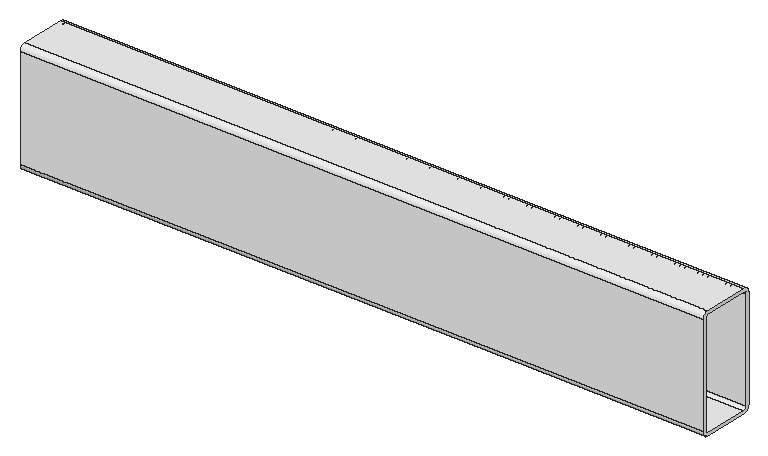
Revit family "CVR-Corte vazado retangular", category Quadro estrutural, Revit 2019
Family settings
  Arredondamento do comprimento do framing estrutural = 0 mm
  Forma do corte = Não definido
  Material para o comportamento do modelo = Aço
  Exportar sempre como geometria = Não
  Número OmniClass = 23.25.30.11.14.14
  Título OmniClass = Beams
  ID de item do Seek = RHS-Rectangular Hollow Section-0000-CAN-ENU
  Sempre na vertical = Sim
  Corte com vazios quando carregada = Não
  Representação simbólica = Das configurações de projeto
  Compartilhado = Não
  Exibir o pré-corte da família na vista da planta = Sim
Parameters (values of type "200x100x5RHS")
  W = 0
  Structural Material [instance] = Aço, 45-345
  Ix = 0
  Length [instance] = 1524 mm
  M = 22.6
  Zx = 0
  b = 100 mm
  h = 200 mm
  tr = 2 * t  # 10 mm
  t = 5 mm
  A = 28.70 m²
Reference planes
  plane 1 "Centro (Frente/Trás)": y = 0
  plane 2: z = 0
  plane 3 "Centro (Esquerda/Direita)": x = 4.61
  plane 4 "Membro esquerdo": x = -604.99
  plane 5 "Membro direito": x = 614.21
  plane 6: y = 50
  plane 7: y = -50
  plane 8 "Superior": z = 100
  plane 9: z = -100
  plane 10 "Esquerda": x = -757.39
  plane 11 "Direita": x = 766.61
Forms (mm)
  Sweep 1, solid, material "Aço, 45-345" <- "Structural Material", detail levels medium
    path origin (0, 0, 0) x (1, 0, 0) y (0, 1, 0)
      loop
        line (614.21, 0) -> (-604.99, 0)
    profile "M_Vazado-Estrutural-Corte-Perfil-Médio : M_Vazado-Estrutural-Corte-Perfil-Médio" origin (4.61, 0, 0) x (0, -1, 0) y (0, 0, 1)
      loop
        line (-45, 95) -> (-45, -95) -> (45, -95) -> (45, 95) -> (-45, 95)
      loop
        line (-50, -100) -> (50, -100) -> (50, 100) -> (-50, 100) -> (-50, -100)
  Sweep 2, solid, material "Aço, 45-345" <- "Structural Material", detail levels fine
    path origin (0, 0, 0) x (1, 0, 0) y (0, 1, 0)
      loop
        line (614.21, 0) -> (-604.99, 0)
    profile "M_Vazado-Estrutural-Corte-Perfil-Alto : M_Vazado-Estrutural-Corte-Perfil-Alto" origin (4.61, 0, 0) x (0, -1, 0) y (0, 0, 1)
      loop
        arc (-40, 95) -> (-43.536, 93.536) -> (-45, 90) r 5
        line (-45, 90) -> (-45, -90)
        arc (-45, -90) -> (-43.536, -93.536) -> (-40, -95) r 5
        line (-40, -95) -> (40, -95)
        arc (40, -95) -> (43.536, -93.536) -> (45, -90) r 5
        line (45, -90) -> (45, 90)
        arc (45, 90) -> (43.536, 93.536) -> (40, 95) r 5
        line (40, 95) -> (-40, 95)
      loop
        arc (-50, -90) -> (-47.071, -97.071) -> (-40, -100) r 10
        line (-40, -100) -> (40, -100)
        arc (40, -100) -> (47.071, -97.071) -> (50, -90) r 10
        line (50, -90) -> (50, 90)
        arc (50, 90) -> (47.071, 97.071) -> (40, 100) r 10
        line (40, 100) -> (-40, 100)
        arc (-40, 100) -> (-47.071, 97.071) -> (-50, 90) r 10
        line (-50, 90) -> (-50, -90)
Lines and regions (mm)
  symbolic lines, style "Faces ocultas", detail levels medium+fine
    curve 1: line (614.21, -45, 0) -> (-604.99, -45, 0)
    curve 2: line (614.21, 45, 0) -> (-604.99, 45, 0)
    curve 3: line (-604.99, 0, 95) -> (614.21, 0, 95)
    curve 4: line (-604.99, 0, -95) -> (614.21, 0, -95)
  symbolic lines, style "Símbolos de vara", detail levels coarse
    curve 5: line (4.61, 50, 100) -> (4.61, -50, 100)
    curve 6: line (4.61, -50, 100) -> (4.61, -50, -100)
    curve 7: line (4.61, -50, -100) -> (4.61, 50, -100)
    curve 8: line (4.61, 50, -100) -> (4.61, 50, 100)
Dimensions and locks
  "b": plane 6 to plane 7
  "h": plane 9 to plane 8 "Superior"
  equal spacing: plane 9, plane 2, plane 8 "Superior"
  equal spacing: plane 6, plane 1 "Centro (Frente/Trás)", plane 7
  "t": plane 6 to curve 2
  "t": curve 1 to plane 7
  "t": plane 8 "Superior" to curve 3
  "t": curve 4 to plane 9
  "Length": plane 10 "Esquerda" to plane 11 "Direita"
  aligned and locked: plane 4 "Membro esquerdo" to curve 3
  aligned and locked: plane 5 "Membro direito" to curve 3
  aligned and locked: plane 4 "Membro esquerdo" to curve 4
  aligned and locked: plane 5 "Membro direito" to curve 4
  aligned and locked: Sweep 1 sketch curve to plane 1 "Centro (Frente/Trás)"
  aligned and locked: Sweep 2 sketch curve to plane 1 "Centro (Frente/Trás)"
  aligned and locked: curve 5 to Sweep 1
  aligned and locked: curve 6 to Sweep 1
  aligned and locked: curve 7 to Sweep 1
  aligned and locked: curve 8 to Sweep 1
  aligned and locked: plane 4 "Membro esquerdo" to Sweep 2 sketch curve
  aligned and locked: plane 5 "Membro direito" to Sweep 2 sketch curve
  aligned and locked: plane 4 "Membro esquerdo" to Sweep 1 sketch curve
  aligned and locked: plane 5 "Membro direito" to Sweep 1 sketch curve
  aligned and locked: plane 4 "Membro esquerdo" to curve 1
  aligned and locked: plane 4 "Membro esquerdo" to curve 2
  aligned and locked: plane 5 "Membro direito" to curve 1
  aligned and locked: plane 5 "Membro direito" to curve 2
Types in the file's own list only (124): name | Ix | M | Zx | b | h | tr | t | A
  50x30x2.5RHS | 11.8 | 2.89 | 4.73 | 30 mm | 50 mm | 5 mm | 3 mm | 0.00 m²
  50x30x3RHS | 13.6 | 3.41 | 5.43 | 30 mm | 50 mm | 6 mm | 3 mm | 0.00 m²
  50x30x3.2RHS | 14.2 | 3.61 | 5.68 | 30 mm | 50 mm | 6 mm | 3 mm | 0.00 m²
  50x30x3.6RHS | 15.4 | 4.01 | 6.16 | 30 mm | 50 mm | 7 mm | 4 mm | 0.00 m²
  50x30x4RHS | 16.5 | 4.39 | 6.6 | 30 mm | 50 mm | 8 mm | 4 mm | 0.00 m²
  50x30x5RHS | 18.7 | 5.28 | 7.49 | 30 mm | 50 mm | 10 mm | 5 mm | 0.00 m²
  60x40x2.5RHS | 22.8 | 3.68 | 7.61 | 40 mm | 60 mm | 5 mm | 3 mm | 0.00 m²
  60x40x3RHS | 26.5 | 4.35 | 8.82 | 40 mm | 60 mm | 6 mm | 3 mm | 0.00 m²
  60x40x3.2RHS | 27.8 | 4.62 | 9.27 | 40 mm | 60 mm | 6 mm | 3 mm | 0.00 m²
  60x40x3.6RHS | 30.4 | 5.14 | 10.1 | 40 mm | 60 mm | 7 mm | 4 mm | 0.00 m²
  60x40x4RHS | 32.8 | 5.64 | 10.9 | 40 mm | 60 mm | 8 mm | 4 mm | 0.00 m²
  60x40x5RHS | 38.1 | 6.85 | 12.7 | 40 mm | 60 mm | 10 mm | 5 mm | 0.00 m²
  60x40x6RHS | 42.3 | 7.99 | 14.1 | 40 mm | 60 mm | 12 mm | 6 mm | 0.00 m²
  60x40x6.3RHS | 43.4 | 8.31 | 14.5 | 40 mm | 60 mm | 13 mm | 6 mm | 0.00 m²
  80x40x3RHS | 54.2 | 5.29 | 13.6 | 40 mm | 80 mm | 6 mm | 3 mm | 0.00 m²
  80x40x3.2RHS | 57.2 | 5.62 | 14.3 | 40 mm | 80 mm | 6 mm | 3 mm | 0.00 m²
  80x40x3.6RHS | 62.8 | 6.27 | 15.7 | 40 mm | 80 mm | 7 mm | 4 mm | 0.00 m²
  80x40x4RHS | 68.2 | 6.9 | 17.1 | 40 mm | 80 mm | 8 mm | 4 mm | 0.00 m²
  80x40x5RHS | 80.3 | 8.42 | 20.1 | 40 mm | 80 mm | 10 mm | 5 mm | 0.00 m²
  80x40x6RHS | 90.5 | 9.87 | 22.6 | 40 mm | 80 mm | 12 mm | 6 mm | 0.00 m²
  80x40x6.3RHS | 93.3 | 10.3 | 23.3 | 40 mm | 80 mm | 13 mm | 6 mm | 0.00 m²
  80x40x8RHS | 106 | 12.5 | 26.5 | 40 mm | 80 mm | 16 mm | 8 mm | 0.00 m²
  76.2x50.8x3RHS | 56.7 | 5.62 | 14.9 | 51 mm | 76 mm | 6 mm | 3 mm | 0.00 m²
  76.2x50.8x3.2RHS | 59.8 | 5.97 | 15.7 | 51 mm | 76 mm | 6 mm | 3 mm | 0.00 m²
  76.2x50.8x3.6RHS | 65.8 | 6.66 | 17.3 | 51 mm | 76 mm | 7 mm | 4 mm | 0.00 m²
  76.2x50.8x4RHS | 71.5 | 7.34 | 18.8 | 51 mm | 76 mm | 8 mm | 4 mm | 0.00 m²
  76.2x50.8x5RHS | 84.4 | 8.97 | 22.2 | 51 mm | 76 mm | 10 mm | 5 mm | 0.00 m²
  76.2x50.8x6RHS | 95.6 | 10.5 | 25.1 | 51 mm | 76 mm | 12 mm | 6 mm | 0.00 m²
  76.2x50.8x6.3RHS | 98.6 | 11 | 25.9 | 51 mm | 76 mm | 13 mm | 6 mm | 0.00 m²
  76.2x50.8x8RHS | 113 | 13.4 | 29.6 | 51 mm | 76 mm | 16 mm | 8 mm | 0.00 m²
  90x50x3RHS | 84.4 | 6.24 | 18.8 | 50 mm | 90 mm | 6 mm | 3 mm | 0.00 m²
  90x50x3.2RHS | 89.1 | 6.63 | 19.8 | 50 mm | 90 mm | 6 mm | 3 mm | 0.00 m²
  90x50x3.6RHS | 98.3 | 7.4 | 21.8 | 50 mm | 90 mm | 7 mm | 4 mm | 0.00 m²
  90x50x4RHS | 107 | 8.15 | 23.8 | 50 mm | 90 mm | 8 mm | 4 mm | 0.00 m²
  90x50x5RHS | 127 | 9.99 | 28.3 | 50 mm | 90 mm | 10 mm | 5 mm | 0.00 m²
  90x50x6RHS | 145 | 11.8 | 32.2 | 50 mm | 90 mm | 12 mm | 6 mm | 0.00 m²
  90x50x6.3RHS | 150 | 12.3 | 33.3 | 50 mm | 90 mm | 13 mm | 6 mm | 0.00 m²
  90x50x8RHS | 174 | 15 | 38.6 | 50 mm | 90 mm | 16 mm | 8 mm | 0.00 m²
  100x50x3RHS | 110 | 6.71 | 21.9 | 50 mm | 100 mm | 6 mm | 3 mm | 0.00 m²
  100x50x3.2RHS | 116 | 7.13 | 23.2 | 50 mm | 100 mm | 6 mm | 3 mm | 0.00 m²
  100x50x3.6RHS | 128 | 7.96 | 25.6 | 50 mm | 100 mm | 7 mm | 4 mm | 0.00 m²
  100x50x4RHS | 140 | 8.78 | 27.9 | 50 mm | 100 mm | 8 mm | 4 mm | 0.00 m²
  100x50x5RHS | 167 | 10.8 | 33.3 | 50 mm | 100 mm | 10 mm | 5 mm | 0.00 m²
  100x50x6RHS | 190 | 12.7 | 38.1 | 50 mm | 100 mm | 12 mm | 6 mm | 0.00 m²
  100x50x6.3RHS | 197 | 13.3 | 39.4 | 50 mm | 100 mm | 13 mm | 6 mm | 0.00 m²
  100x50x8RHS | 230 | 16.3 | 46 | 50 mm | 100 mm | 16 mm | 8 mm | 0.00 m²
  100x60x3RHS | 124 | 7.18 | 24.7 | 60 mm | 100 mm | 6 mm | 3 mm | 0.00 m²
  100x60x3.2RHS | 131 | 7.63 | 26.2 | 60 mm | 100 mm | 6 mm | 3 mm | 0.00 m²
  100x60x3.6RHS | 145 | 8.53 | 28.9 | 60 mm | 100 mm | 7 mm | 4 mm | 0.00 m²
  100x60x4RHS | 158 | 9.41 | 31.6 | 60 mm | 100 mm | 8 mm | 4 mm | 0.00 m²
  100x60x5RHS | 189 | 11.6 | 37.8 | 60 mm | 100 mm | 10 mm | 5 mm | 0.00 m²
  100x60x6RHS | 217 | 13.6 | 43.4 | 60 mm | 100 mm | 12 mm | 6 mm | 0.00 m²
  100x60x6.3RHS | 225 | 14.2 | 45 | 60 mm | 100 mm | 13 mm | 6 mm | 0.00 m²
  100x60x8RHS | 264 | 17.5 | 52.8 | 60 mm | 100 mm | 16 mm | 8 mm | 0.00 m²
  120x60x3.6RHS | 227 | 9.66 | 37.9 | 60 mm | 120 mm | 7 mm | 4 mm | 0.00 m²
  120x60x4RHS | 249 | 10.7 | 41.5 | 60 mm | 120 mm | 8 mm | 4 mm | 0.00 m²
  120x60x5RHS | 299 | 13.1 | 49.9 | 60 mm | 120 mm | 10 mm | 5 mm | 0.00 m²
  120x60x6RHS | 345 | 15.5 | 57.5 | 60 mm | 120 mm | 12 mm | 6 mm | 0.00 m²
  120x60x6.3RHS | 358 | 16.2 | 59.7 | 60 mm | 120 mm | 13 mm | 6 mm | 0.00 m²
  120x60x8RHS | 425 | 20.1 | 70.8 | 60 mm | 120 mm | 16 mm | 8 mm | 0.00 m²
  120x80x3.6RHS | 276 | 10.8 | 46 | 80 mm | 120 mm | 7 mm | 4 mm | 0.00 m²
  120x80x4RHS | 303 | 11.9 | 50.4 | 80 mm | 120 mm | 8 mm | 4 mm | 0.00 m²
  120x80x5RHS | 365 | 14.7 | 60.9 | 80 mm | 120 mm | 10 mm | 5 mm | 0.00 m²
  120x80x6RHS | 423 | 17.4 | 70.6 | 80 mm | 120 mm | 12 mm | 6 mm | 0.00 m²
  120x80x6.3RHS | 440 | 18.2 | 73.3 | 80 mm | 120 mm | 13 mm | 6 mm | 0.00 m²
  120x80x8RHS | 525 | 22.6 | 87.5 | 80 mm | 120 mm | 16 mm | 8 mm | 0.00 m²
  120x80x10RHS | 609 | 27.4 | 102 | 80 mm | 120 mm | 20 mm | 10 mm | 0.00 m²
  150x100x4RHS | 607 | 15.1 | 81 | 100 mm | 150 mm | 8 mm | 4 mm | 0.00 m²
  150x100x5RHS | 739 | 18.6 | 98.5 | 100 mm | 150 mm | 10 mm | 5 mm | 0.00 m²
  150x100x6RHS | 862 | 22.1 | 115 | 100 mm | 150 mm | 12 mm | 6 mm | 0.00 m²
  150x100x6.3RHS | 898 | 23.1 | 120 | 100 mm | 150 mm | 13 mm | 6 mm | 0.00 m²
  150x100x8RHS | 1087 | 28.9 | 145 | 100 mm | 150 mm | 16 mm | 8 mm | 0.00 m²
  150x100x10RHS | 1282 | 35.3 | 171 | 100 mm | 150 mm | 20 mm | 10 mm | 0.00 m²
  150x100x12RHS | 1450 | 41.4 | 193 | 100 mm | 150 mm | 24 mm | 12 mm | 0.01 m²
  150x100x12.5RHS | 1488 | 42.8 | 198 | 100 mm | 150 mm | 25 mm | 13 mm | 0.01 m²
  160x80x4RHS | 612 | 14.4 | 76.5 | 80 mm | 160 mm | 8 mm | 4 mm | 0.00 m²
  160x80x5RHS | 744 | 17.8 | 93 | 80 mm | 160 mm | 10 mm | 5 mm | 0.00 m²
  160x80x6RHS | 868 | 21.2 | 108 | 80 mm | 160 mm | 12 mm | 6 mm | 0.00 m²
  160x80x6.3RHS | 903 | 22.2 | 113 | 80 mm | 160 mm | 13 mm | 6 mm | 0.00 m²
  160x80x8RHS | 1091 | 27.6 | 136 | 80 mm | 160 mm | 16 mm | 8 mm | 0.00 m²
  160x80x10RHS | 1284 | 33.7 | 161 | 80 mm | 160 mm | 20 mm | 10 mm | 0.00 m²
  160x80x12RHS | 1449 | 39.5 | 181 | 80 mm | 160 mm | 24 mm | 12 mm | 0.01 m²
  160x80x12.5RHS | 1485 | 40.9 | 186 | 80 mm | 160 mm | 25 mm | 13 mm | 0.01 m²
  200x100x6RHS | 1754 | 26.8 | 175 | 100 mm | 200 mm | 12 mm | 6 mm | 0.00 m²
  200x100x6.3RHS | 1829 | 28.1 | 183 | 100 mm | 200 mm | 13 mm | 6 mm | 0.00 m²
  200x100x8RHS | 2234 | 35.1 | 223 | 100 mm | 200 mm | 16 mm | 8 mm | 0.00 m²
  200x100x10RHS | 2664 | 43.1 | 266 | 100 mm | 200 mm | 20 mm | 10 mm | 0.01 m²
  200x100x12RHS | 3047 | 50.8 | 305 | 100 mm | 200 mm | 24 mm | 12 mm | 0.01 m²
  200x100x12.5RHS | 3136 | 52.7 | 314 | 100 mm | 200 mm | 25 mm | 13 mm | 0.01 m²
  200x100x16RHS | 3678 | 65.2 | 368 | 100 mm | 200 mm | 32 mm | 16 mm | 0.01 m²
  250x150x5RHS | 3360 | 30.4 | 269 | 150 mm | 250 mm | 10 mm | 5 mm | 0.00 m²
  250x150x6RHS | 3965 | 36.2 | 317 | 150 mm | 250 mm | 12 mm | 6 mm | 0.00 m²
  250x150x6.3RHS | 4143 | 38 | 331 | 150 mm | 250 mm | 13 mm | 6 mm | 0.00 m²
  250x150x8RHS | 5111 | 47.7 | 409 | 150 mm | 250 mm | 16 mm | 8 mm | 0.01 m²
  250x150x10RHS | 6174 | 58.8 | 494 | 150 mm | 250 mm | 20 mm | 10 mm | 0.01 m²
  250x150x12RHS | 7154 | 69.6 | 572 | 150 mm | 250 mm | 24 mm | 12 mm | 0.01 m²
  250x150x12.5RHS | 7387 | 72.3 | 591 | 150 mm | 250 mm | 25 mm | 13 mm | 0.01 m²
  250x150x16RHS | 8879 | 90.3 | 710 | 150 mm | 250 mm | 32 mm | 16 mm | 0.01 m²
  300x200x5RHS | 6322 | 38.3 | 421 | 200 mm | 300 mm | 10 mm | 5 mm | 0.00 m²
  300x200x6RHS | 7486 | 45.7 | 499 | 200 mm | 300 mm | 12 mm | 6 mm | 0.01 m²
  300x200x6.3RHS | 7829 | 47.9 | 522 | 200 mm | 300 mm | 13 mm | 6 mm | 0.01 m²
  300x200x8RHS | 9717 | 60.3 | 648 | 200 mm | 300 mm | 16 mm | 8 mm | 0.01 m²
  300x200x10RHS | 11820 | 74.5 | 788 | 200 mm | 300 mm | 20 mm | 10 mm | 0.01 m²
  300x200x12RHS | 13800 | 88.5 | 920 | 200 mm | 300 mm | 24 mm | 12 mm | 0.01 m²
  300x200x12.5RHS | 14270 | 91.9 | 952 | 200 mm | 300 mm | 25 mm | 13 mm | 0.01 m²
  300x200x16RHS | 17390 | 115 | 1159 | 200 mm | 300 mm | 32 mm | 16 mm | 0.01 m²
  400x200x6RHS | 15000 | 55.1 | 750 | 200 mm | 400 mm | 12 mm | 6 mm | 0.01 m²
  400x200x6.3RHS | 15700 | 57.8 | 785 | 200 mm | 400 mm | 13 mm | 6 mm | 0.01 m²
  400x200x8RHS | 19560 | 72.8 | 978 | 200 mm | 400 mm | 16 mm | 8 mm | 0.01 m²
  400x200x10RHS | 23910 | 90.2 | 1196 | 200 mm | 400 mm | 20 mm | 10 mm | 0.01 m²
  400x200x12RHS | 28060 | 107 | 1403 | 200 mm | 400 mm | 24 mm | 12 mm | 0.01 m²
  400x200x12.5RHS | 29060 | 112 | 1453 | 200 mm | 400 mm | 25 mm | 13 mm | 0.01 m²
  400x200x16RHS | 35740 | 141 | 1787 | 200 mm | 400 mm | 32 mm | 16 mm | 0.02 m²
  450x250x8RHS | 30080 | 85.4 | 1337 | 250 mm | 450 mm | 16 mm | 8 mm | 0.01 m²
  450x250x10RHS | 36890 | 106 | 1640 | 250 mm | 450 mm | 20 mm | 10 mm | 0.01 m²
  450x250x12RHS | 43430 | 126 | 1930 | 250 mm | 450 mm | 24 mm | 12 mm | 0.02 m²
  450x250x12.5RHS | 45030 | 131 | 2001 | 250 mm | 450 mm | 25 mm | 13 mm | 0.02 m²
  450x250x16RHS | 55710 | 166 | 2476 | 250 mm | 450 mm | 32 mm | 16 mm | 0.02 m²
  500x300x8RHS | 43730 | 97.9 | 1749 | 300 mm | 500 mm | 16 mm | 8 mm | 0.01 m²
  500x300x10RHS | 53760 | 122 | 2150 | 300 mm | 500 mm | 20 mm | 10 mm | 0.02 m²
  500x300x12RHS | 63450 | 145 | 2538 | 300 mm | 500 mm | 24 mm | 12 mm | 0.02 m²
  500x300x12.5RHS | 65810 | 151 | 2633 | 300 mm | 500 mm | 25 mm | 13 mm | 0.02 m²
  500x300x16RHS | 81780 | 191 | 3271 | 300 mm | 500 mm | 32 mm | 16 mm | 0.02 m²
  500x300x20RHS | 98780 | 235 | 3951 | 300 mm | 500 mm | 40 mm | 20 mm | 0.03 m²
